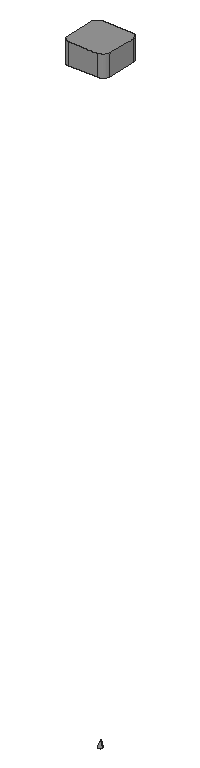
Revit family "ElectricalFixtures_WiringAccessories_Hager_Sollysta_FanIsolatorSwitches", category Lighting Fixtures, host Ceiling, Revit 2015
Parameters (values of type "WMCS3PIF")
  Voltage (Volts) = "230V/240V"
  Unique Reference = "WMCS3PIF"
  URL = "http://www.hager.co.uk/"
  Type = "ElectricalFixture"
  Technical Description = Description  # "10A3PCeilingSwitchMarkedFan&Isolator"
  Supply Phase = "1"
  Shipping Weight kg = ""
  Shape = "Circular"
  Reference Standard = "BS 1363-2"
  Product URL = "http://www.hager.co.uk/product-catalogue/wiring-accessories/sollysta/white-moulded/white-moulded-ceiling-switches/58358.htm"
  Product Range = "WhiteMouldedCeilingSwitches_FanIsolatorSwitches"
  Product Model Number = "WMCS3PIF"
  Product Literature = "http://www.hager.co.uk/product-catalogue/wiring-accessories/sollysta/38662.htm"
  Product Group = "FanIsolatorSwitches"
  Product Family = "WhiteMouldedCeilingSwitches"
  Packaging Recyclable = yes
  Overall Width = 100.0 mm
  Overall Height = 0.0 mm
  Overall Depth = 50.0 mm
  Name = "WhiteMouldedCeilingSwitches_FanIsolatorSwitches_WMCS3PIF"
  Model = ""
  Measurement Units = "mm"
  Material = Urea Formaldehyde Thermoset Plastic
  Manufacturer Website = "http://www.hager.co.uk/"
  Manufacturer Country = "UnitedKingdom"
  Manufacturer = "Hager"
  Gross Weight kg = ""
  Frequency = "50/60Hz"
  Finish = "Gloss"
  Features = Description  # "10A3PCeilingSwitchMarkedFan&Isolator"
  Expected Life = "25"
  EAN Code = "5015652260219"
  Design Country = "China"
  Description = "10A3PCeilingSwitchMarkedFan&Isolator"
  Cord Length from Ceiling [instance] = 1500.0 mm
  Colour = "SollystaWhite"
  CE Approval = yes
Types (3, lengths in mm): name | Unique Reference | Technical Description | Product Model Number | Name | Features | EAN Code | Description
  WMCS3PIF | "WMCS3PIF" | "10A3PCeilingSwitchMarkedFan&Isolator" | "WMCS3PIF" | "WhiteMouldedCeilingSwitches_FanIsolatorSwitches_WMCS3PIF" | "10A3PCeilingSwitchMarkedFan&Isolator" | "5015652260219" | "10A3PCeilingSwitchMarkedFan&Isolator"
  WMCS3PI | "WMCS3PI" | "10A3PCeilingSwitchMarkedIsolator" | "WMCS3PI" | "WhiteMouldedCeilingSwitches_FanIsolatorSwitches_WMCS3PI" | "10A3PCeilingSwitchMarkedIsolator" | "5015652260202" | "10A3PCeilingSwitchMarkedIsolator"
  WMCS3PF | "WMCS3PF" | "10A3PCeilingSwitchMarkedIsolator" | "WMCS3PF" | "WhiteMouldedCeilingSwitches_FanIsolatorSwitches_WMCS3PF" | "10A3PCeilingSwitchMarkedIsolator" | "5015652260202" | "10A3PCeilingSwitchMarkedIsolator"
Reference planes
  plane 1 "Center (Front/Back)": y = 0
  plane 2 "Ceiling": z = 2438.4
  plane 3 "Center (Left/Right)": x = 0
  plane 4: z = 2388.4
  plane 5: x = -50
  plane 6: x = 50
  plane 7: z = 2403.4
  plane 8: x = 40
  plane 9: x = -40
  plane 10: x = -30
  plane 11: x = 30
  plane 12: z = 953.4
  plane 13: z = 938.4
  plane 14: x = -5
  plane 15: x = 5
  plane 16: y = -50
  plane 17: y = 50
  plane 18: y = 30
  plane 19: y = -30
  plane 20: z = 2423.4
Forms (mm)
  Revolve 1, solid, material "Urea Formaldehyde Thermoset Plastic", detail levels fine
    sketch origin (0, 0, 0) x (1, 0, 0) y (0, 0, 1)
      loop
        line (0, 938.4) -> (5, 938.4) -> (0, 953.4) -> (0, 938.4)
      axis (0, 938.4) -> (0, 953.4)
    angle from 0 to 360
  Extrusion 2, solid, material "Urea Formaldehyde Thermoset Plastic" <- "Material", detail levels medium+fine
    sketch origin (0, 0, 2438.4) x (1, 0, 0) y (0, 1, 0)
      loop
        line (-35, -50) -> (35, -50)
        arc (35, -50) -> (45.607, -45.607) -> (50, -35) r 15
        line (50, -35) -> (50, 35)
        arc (50, 35) -> (45.607, 45.607) -> (35, 50) r 15
        line (35, 50) -> (-35, 50)
        arc (-35, 50) -> (-45.607, 45.607) -> (-50, 35) r 15
        line (-50, 35) -> (-50, -35)
        arc (-50, -35) -> (-45.607, -45.607) -> (-35, -50) r 15
    from -50 to 0
  Revolve 3, void
    sketch origin (0, 0, 0) x (1, 0, 0) y (0, 0, 1)
      loop
        line (0, 2423.4) -> (0, 2388.4) -> (43.507, 2388.4)
        arc (43.507, 2388.4) -> (38.824, 2408.206) -> (25.285, 2423.4) r 41.478
        line (25.285, 2423.4) -> (0, 2423.4)
      axis (0, 2388.4) -> (0, 2423.4)
    angle from 0 to 360
Cuts and joins
  Revolve 3 cuts Extrusion 2
Lines and regions (mm)
  model lines, detail levels fine
    curve 1: line (0, 0, 2388.4) -> (0, 0, 953.4)
  model lines
    curve 2: line (-50, 35, 2438.4) -> (-50, -35, 2438.4)
    curve 3: arc (-35, 50, 2438.4) -> (-45.607, 45.607, 2438.4) -> (-50, 35, 2438.4) r 15
    curve 4: line (35, 50, 2438.4) -> (-35, 50, 2438.4)
    curve 5: arc (50, 35, 2438.4) -> (45.607, 45.607, 2438.4) -> (35, 50, 2438.4) r 15
    curve 6: line (50, -35, 2438.4) -> (50, 35, 2438.4)
    curve 7: arc (35, -50, 2438.4) -> (45.607, -45.607, 2438.4) -> (50, -35, 2438.4) r 15
    curve 8: line (-35, -50, 2438.4) -> (35, -50, 2438.4)
    curve 9: arc (-50, -35, 2438.4) -> (-45.607, -45.607, 2438.4) -> (-35, -50, 2438.4) r 15
    curve 10: arc (-43.507, 0, 2438.4) -> (0, -43.507, 2438.4) -> (43.507, 0, 2438.4) r 43.507
    curve 11: arc (43.507, 0, 2438.4) -> (0, 43.507, 2438.4) -> (-43.507, 0, 2438.4) r 43.507
    curve 12: arc (25.285, 0, 2438.4) -> (0, 25.285, 2438.4) -> (-25.285, 0, 2438.4) r 25.285
    curve 13: arc (-25.285, 0, 2438.4) -> (0, -25.285, 2438.4) -> (25.285, 0, 2438.4) r 25.285
  symbolic lines
    curve 14: circle (-20.231, 0, 0) r 5.863 normal (0, 0, 1)
    curve 15: line (-16.392, 4.431, 0) -> (9.688, 30.511, 0)
    curve 16: line (9.688, 30.511, 0) -> (18.212, 20.353, 0)
    curve 17: line (9.688, 30.511, 0) -> (9.688, 13.201, 0)
    curve 18: line (9.688, 13.201, 0) -> (6.407, 18.884, 0)
    curve 19: line (9.688, 13.201, 0) -> (12.969, 18.884, 0)
  symbolic lines, not visible
    curve 20: circle (-20.231, 0, 0) r 5.863 normal (0, 0, 1)
    curve 21: line (-16.392, 4.431, 0) -> (9.688, 30.511, 0)
    curve 22: line (9.688, 30.511, 0) -> (18.212, 20.353, 0)
    curve 23: line (9.688, 30.511, 0) -> (9.688, 13.201, 0)
    curve 24: line (9.688, 13.201, 0) -> (6.407, 18.884, 0)
    curve 25: line (9.688, 13.201, 0) -> (12.969, 18.884, 0)
Dimensions and locks
  equal spacing: host sketch curve, plane 3 "Center (Left/Right)", host sketch curve
  equal spacing: host sketch curve, plane 1 "Center (Front/Back)", host sketch curve
  host sketch curve to host sketch curve = 3048.0 mm  (x2)
  "Cord Length from Ceiling": plane 2 "Ceiling" to plane 13
  locked: plane 12 to plane 13 at 15
  "Overall Depth": plane 4 to plane 2 "Ceiling"
  "Overall Width": plane 17 to plane 16
  plane 2 "Ceiling" to plane 4 = 50.0 mm
  plane 6 to plane 5 = 100.0 mm
  aligned and locked: plane 13 to Revolve 1 sketch curve
  aligned and locked: plane 3 "Center (Left/Right)" to Revolve 1 sketch curve
  aligned and locked: plane 12 to Revolve 1 sketch curve
  aligned and locked: Extrusion 2 sketch curve to plane 16
  aligned and locked: Extrusion 2 sketch curve to plane 5
  aligned and locked: Extrusion 2 sketch curve to plane 17
  aligned and locked: Extrusion 2 sketch curve to plane 6
  aligned and locked: host ceiling to Extrusion 2
  aligned and locked: plane 4 to Revolve 3 sketch curve
  aligned and locked: Revolve 3 sketch curve to plane 3 "Center (Left/Right)"
  aligned and locked: curve 3 to cut or joined group of Extrusion 2, Revolve 3
  aligned and locked: curve 5 to cut or joined group of Extrusion 2, Revolve 3
  aligned and locked: curve 7 to cut or joined group of Extrusion 2, Revolve 3
  aligned and locked: curve 9 to cut or joined group of Extrusion 2, Revolve 3
  aligned and locked: curve 10 to cut or joined group of Extrusion 2, Revolve 3
  aligned and locked: curve 11 to cut or joined group of Extrusion 2, Revolve 3
  aligned and locked: curve 12 to cut or joined group of Extrusion 2, Revolve 3
  aligned and locked: curve 13 to cut or joined group of Extrusion 2, Revolve 3
Automatic sketch dimensions
  curve 1 to plane 3 "Center (Left/Right)" = 0.0 mm
  curve 1 to plane 12 = 0.0 mm
  curve 1 to plane 4 = 0.0 mm
  Revolve 1 sketch curve to plane 3 "Center (Left/Right)" = 0.0 mm
  plane 15 to Revolve 1 sketch curve = 0.0 mm
  Revolve 1 sketch curve to plane 13 = 0.0 mm
  Revolve 1 sketch curve to plane 12 = 0.0 mm
  Revolve 3 sketch curve to plane 3 "Center (Left/Right)" = 0.0 mm
  Revolve 3 sketch curve to plane 20 = 0.0 mm  (x2)
  Revolve 3 sketch curve to plane 4 = 0.0 mm
  Revolve 3 sketch curve to plane 4 = 0.652 mm
  plane 3 "Center (Left/Right)" to Revolve 3 sketch curve = 2.033 mm
  Revolve 3 sketch curve to plane 11 = 4.715 mm
  plane 9 to Extrusion 2 sketch curve = 5.0 mm  (x2)
  Extrusion 2 sketch curve to plane 8 = 5.0 mm  (x2)
Connectors
  electrical at (0, 0, 2438.4)
    settings: on cut or joined group of Extrusion 2, Revolve 3, index 1, voltage 230 V, apparent load 0 VA, apparent load phase1 0 VA, apparent load phase2 0 VA, apparent load phase3 0 VA, power factor 1, load classification "Other", number of poles 1, system type 31, power factor state 1, is connector primary yes, connector utility no, sub classification motor no, connector description ""
